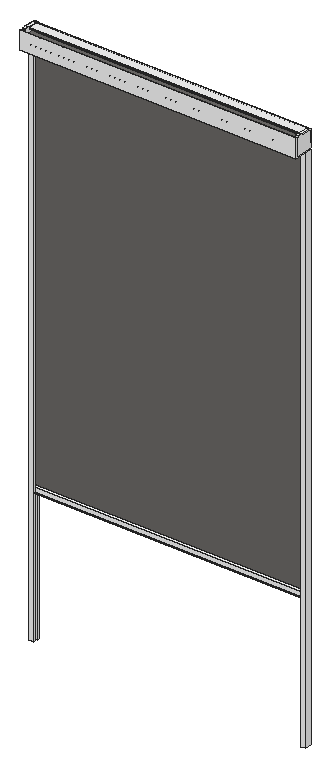
Revit family "Shades-Hunter_Douglas-RB500-Single_Standard_Duty-Auto-Bracket_Block_Out-3in", category Specialty Equipment, Revit 2026
Family settings
  Round Connector Dimension = Use Diameter
  Part Type = Normal
  Classification Number = 23.30.60.14
  Work Plane-Based = No
  Enable Cutting in Views = No
  Always vertical = Yes
  Cut with Voids When Loaded = No
  Maintain Annotation Orientation = No
  Shared = No
  Room Calculation Point = No
Parameters (values of type "Automated")
  URL = "https://www.hunterdouglasarchitectural.com/"
  Type Comments = "Block Out Shade"  # constant formula
  Model = "Standard Duty Automated 3IN Bracket Block Out"  # constant formula
  Manufacturer = "Hunter Douglas Architectural"  # constant formula
  Description = "Standard Duty Automated Roller Shade"  # constant formula
  Default Elevation = 0' - 0"
  CD_Width [instance] = 4' - 0"
  CD_Warranty = "https://assets.hunterdouglasarchitectural.com/documents/RB500/Lifetime_Guarantee_HDA.pdf?_rand=1465740819000"
  CD_Product Page URL = "https://www.hunterdouglasarchitectural.com/windowcoverings/rollershades/RB500/index.jsp"
  CD_Product Name = "RB 500 Roller Shade System"  # constant formula
  CD_Product Documentation Link = "https://www.hunterdouglasarchitectural.com/windowcoverings/rollershades/RB500/index.jsp#cadDrawing"
  CD_Opening Percentage [instance] = 25
  CD_Microsite = "https://microsite.caddetails.com/1669"
  CD_Install Documentation = "https://www.hunterdouglasarchitectural.com/windowcoverings/rollershades/RB500/index.jsp#installationPage"
  CD_Height Opening [instance] = ((CD_Height - CD_Bracket Height - 0' 1 101/256") * CD_Opening Percentage) / 100  # 1' - 10.82324"
  CD_Height [instance] = 8' - 0"
  CD_Finish Rail = Metal-Aluminum-Hunter_Douglas-Anodized-White
  CD_Finish Frame = Metal-Aluminum-Hunter_Douglas-Anodized-White
  CD_Finish = Fabric-Shade-Hunter_Douglas-5%-E_Screen-Charcoal_Cocoa
  CD_Fabric Sizing Disclaimer = "Designer to verify maximum fabric size with Manufacturer as the maximum fabric size is dependent on finished dimensions"  # constant formula
  CD_Bracket Height = 0' - 3 5/16"  # constant formula
  CD_Bracket Depth = 0' - 3 9/64"  # constant formula
  Assembly Code = "E2010300"
Reference planes (in)
  plane 1 "Center (Front/Back)": y = -0.06427
  plane 2 "Bottom": z = 0
  plane 3 "Center (Left/Right)": x = 0
  plane 4 "Top": z = 96
  plane 5 "Left": x = -24
  plane 6 "Right": x = 24
  plane 7 "Back": y = 1.57031
  plane 8 "Front": y = -1.57031
  plane 9 "Opening": z = 22.82324
  plane 10 "Head Height": z = 92.6875
  plane 11 "Shade Left": x = -23.44922
  plane 12 "Shade Right": x = 23.44922
  plane 13 "Blind Location": y = 0.98718
  plane 14 "Center (Elevation)": z = 94.24448
Forms (in)
  Extrusion 1, solid, material "Metal-Aluminum-Hunter_Douglas-Anodized-White" <- "CD_Finish Frame", detail levels coarse
    sketch origin (0, 0, 0) x (0, 1, 0) y (0, 0, 1)
      loop
        line (1.57031, 92.6875) -> (1.57031, 96) -> (-1.57031, 96) -> (-1.57031, 92.6875) -> (1.57031, 92.6875)
    from -24 to 24
  Extrusion 2, solid, material "Metal-Aluminum-Hunter_Douglas-Anodized-White" <- "CD_Finish Rail", detail levels fine
    sketch origin (0, 0, -20.35107) x (0, 1, 0) y (0, 0, 1)
      loop
        line (1.29937, 43.48662) -> (1.29937, 44.25399)
        arc (1.29937, 44.25399) -> (1.0071, 44.56704) -> (0.67475, 44.29692) r 0.31379
        line (0.67475, 44.29692) -> (0.67475, 43.48662)
        arc (0.67475, 43.48662) -> (0.98706, 43.17431) -> (1.29937, 43.48662) r 0.31231
    from -23.44922 to 23.44922
  Extrusion 3, solid, material "Fabric-Shade-Hunter_Douglas-5%-E_Screen-Charcoal_Cocoa" <- "CD_Finish"
    sketch origin (0, 0, 0) x (0, 1, 0) y (0, 0, 1)
      loop
        line (1.00467, 22.82324) -> (1.00467, 93.46875) -> (0.96969, 93.46875) -> (0.96969, 22.82324) -> (1.00467, 22.82324)
    from -23.44922 to 23.44922
  Extrusion 4, solid, material "Metal-Aluminum-Hunter_Douglas-Anodized-White" <- "CD_Finish Rail", detail levels fine
    sketch origin (0, 0, 0) x (1, 0, 0) y (0, 1, 0)
      loop
        line (-23.17198, 1.29937) -> (-23.17198, 1.52017) -> (-24, 1.52017) -> (-24, 0.45419) -> (-23.17198, 0.45419) -> (-23.17198, 0.67475) -> (-23.44922, 0.67475) -> (-23.44922, 1.29937) -> (-23.17198, 1.29937)
      loop
        line (23.17198, 1.29937) -> (23.44922, 1.29937) -> (23.44922, 0.67475) -> (23.17198, 0.67475) -> (23.17198, 0.45419) -> (24, 0.45419) -> (24, 1.52017) -> (23.17198, 1.52017) -> (23.17198, 1.29937)
    from 0 to 92.6875
  Extrusion 5, solid, material "Metal-Aluminum-Hunter_Douglas-Anodized-White" <- "CD_Finish Rail", detail levels coarse
    sketch origin (0, 0, 0) x (1, 0, 0) y (0, 1, 0)
      loop
        line (-24, 1.52017) -> (-24, 0.45767) -> (-23.44922, 0.45767) -> (-23.44922, 1.52017) -> (-24, 1.52017)
      loop
        line (24, 1.52017) -> (23.44922, 1.52017) -> (23.44922, 0.45767) -> (24, 0.45767) -> (24, 1.52017)
    from 0 to 92.6875
  Extrusion 6, solid, material "Fabric-Shade-Hunter_Douglas-5%-E_Screen-Charcoal_Cocoa" <- "CD_Finish"
    sketch origin (0, 0, 0) x (0, 1, 0) y (0, 0, 1)
      loop
        arc (0.88708, 94.09361) -> (-1.00414, 94.45534) -> (0.86036, 93.97449) r 0.96324
        line (0.86036, 93.97449) -> (0.96969, 92.41411) -> (1.00459, 92.41655) -> (0.88708, 94.09361)
    from -23.44922 to 23.44922
  Extrusion 7, solid, material "Metal-Aluminum-Hunter_Douglas-Anodized-White" <- "CD_Finish Frame", detail levels medium+fine
    sketch origin (0, 0, 0.00115) x (0, 1, 0) y (0, 0, 1)
      loop
        arc (0.70388, 92.68635) -> (0.77067, 92.70622) -> (0.81573, 92.75937) r 0.12217
        line (0.81573, 92.75937) -> (-1.4994, 92.75937) -> (-1.4994, 95.87162) -> (-1.57031, 95.87162) -> (-1.57031, 92.68635) -> (0.70388, 92.68635)
    from -24 to 24
  Extrusion 8, solid, material "Metal-Aluminum-Hunter_Douglas-Anodized-White" <- "CD_Finish Frame", detail levels medium+fine
    sketch origin (0, 0, 0.00115) x (0, 1, 0) y (0, 0, 1)
      loop
        line (1.49031, 95.77162) -> (1.49031, 93.95162) -> (1.57031, 93.95162) -> (1.57031, 95.80162)
        arc (1.57031, 95.80162) -> (1.52638, 95.90768) -> (1.42031, 95.95162) r 0.15
        line (1.42031, 95.95162) -> (-0.42969, 95.95162) -> (-0.42969, 95.87162) -> (1.39031, 95.87162)
        arc (1.39031, 95.87162) -> (1.46102, 95.84233) -> (1.49031, 95.77162) r 0.1
    from -24 to 24
  Extrusion 9, solid, material "Metal-Aluminum-Hunter_Douglas-Anodized-White" <- "CD_Finish Frame", detail levels medium+fine
    sketch origin (0, 0, 0.00115) x (0, 1, 0) y (0, 0, 1)
      loop
        line (1.57031, 92.95162) -> (1.57031, 95.95162) -> (-0.92969, 95.95162) -> (-0.92969, 95.64988) -> (-1.42969, 95.56173) -> (-1.42969, 92.95162) -> (1.57031, 92.95162)
    from 23.44922 to 24
  Extrusion 10, solid, material "Metal-Aluminum-Hunter_Douglas-Anodized-White" <- "CD_Finish Frame", detail levels medium+fine
    sketch origin (-34.25, 0, 0.00115) x (0, 1, 0) y (0, 0, 1)
      loop
        line (1.57031, 92.95162) -> (1.57031, 95.95162) -> (-0.92969, 95.95162) -> (-0.92969, 95.64988) -> (-1.42969, 95.56173) -> (-1.42969, 92.95162) -> (1.57031, 92.95162)
    from 10.25 to 10.80078
Cuts and joins
  joined: Extrusion 3, Extrusion 6
Lines and regions (in)
  Masking region 1, detail levels fine
    outline origin (0, 0, 0) x (0, 1, 0) y (0, 0, 1)
      loop
        arc (1.29937, 23.90293) -> (1.0071, 24.21597) -> (0.67475, 23.94586) r 0.31379
        line (0.67475, 23.94586) -> (0.67475, 23.13555)
        arc (0.67475, 23.13555) -> (0.98706, 22.82324) -> (1.29937, 23.13555) r 0.31231
        line (1.29937, 23.13555) -> (1.29937, 23.90293)
Dimensions and locks (in)
  "CD_Height": plane 4 "Top" to plane 2 "Bottom"
  equal spacing: plane 5 "Left", plane 3 "Center (Left/Right)", plane 6 "Right"
  "CD_Width": plane 5 "Left" to plane 6 "Right"
  plane 1 "Center (Front/Back)" to plane 7 "Back" = 0' - 1.63458"
  "CD_Bracket Depth": plane 8 "Front" to plane 7 "Back"
  Extrusion 2 sketch curve to Extrusion 2 sketch curve to Extrusion 2 sketch curve to Extrusion 2 sketch curve to Extrusion 2 sketch curve to plane 9 "Opening" to Extrusion 2 sketch curve = 0' - 0.27086" locked, 0' - 0.04293" locked, 0' - 0.76737" locked, 0' - 0" locked, 0' - 0.31231" locked, 0' - 0" locked
  Extrusion 2 sketch curve to plane 13 "Blind Location" to Extrusion 2 sketch curve = 0' - 0.31219" locked, 0' - 0.31243" locked
  locked: Extrusion 3 sketch curve to plane 10 "Head Height" at 0.78125
  Extrusion 3 sketch curve to plane 13 "Blind Location" to Extrusion 3 sketch curve = 0' - 0.01749" locked, 0' - 0.01749" locked
  locked: plane 5 "Left" to plane 11 "Shade Left" at 0.55078
  locked: plane 12 "Shade Right" to plane 6 "Right" at 0.55078
  "CD_Height Opening": plane 9 "Opening" to level
  "CD_Bracket Height": plane 4 "Top" to plane 10 "Head Height"
  Masking region 1 sketch curve to Masking region 1 sketch curve to Masking region 1 sketch curve to Masking region 1 sketch curve to Masking region 1 sketch curve to plane 9 "Opening" to Masking region 1 sketch curve = 0' - 0.27086" locked, 0' - 0.04293" locked, 0' - 0.76737" locked, 0' - 0" locked, 0' - 0.31231" locked, 0' - 0" locked
  Masking region 1 sketch curve to plane 13 "Blind Location" to Masking region 1 sketch curve = 0' - 0.31219" locked, 0' - 0.31243" locked
  Extrusion 4 sketch curve to plane 11 "Shade Left" to Extrusion 4 sketch curve to Extrusion 4 sketch curve = 0' - 0 141/256" locked, 0' - 0.27724" locked, 0' - 0" locked
  Extrusion 4 sketch curve to Extrusion 4 sketch curve to plane 13 "Blind Location" to Extrusion 4 sketch curve to Extrusion 4 sketch curve = 0' - 0.22057" locked, 0' - 0.31243" locked, 0' - 0.31219" locked, 0' - 0.2208" locked  (x2)
  Extrusion 5 sketch curve to plane 13 "Blind Location" to Extrusion 5 sketch curve = 0' - 0.52951" locked, 0' - 0.53299" locked  (x2)
  Extrusion 9 sketch curve to plane 7 "Back" to Extrusion 9 sketch curve to Extrusion 9 sketch curve = 0' - 0" locked, 0' - 2 1/2" locked, 0' - 0 1/2" locked
  plane 4 "Top" to Extrusion 9 sketch curve to Extrusion 9 sketch curve to Extrusion 9 sketch curve to Extrusion 9 sketch curve = 0' - 0.04724" locked, 0' - 0.30173" locked, 0' - 0.08816" locked, 0' - 2.61011" locked
  plane 4 "Top" to Extrusion 7 sketch curve to Extrusion 7 sketch curve to Extrusion 7 sketch curve = 0' - 0.12724" locked, 0' - 3.11225" locked, 0' - 0.07302" locked
  plane 7 "Back" to Extrusion 7 sketch curve to Extrusion 7 sketch curve to Extrusion 7 sketch curve = 0' - 0.74426" locked, 0' - 2.32546" locked, 0' - 0.07091" locked
  Extrusion 10 sketch curve to plane 7 "Back" to Extrusion 10 sketch curve to Extrusion 10 sketch curve = 0' - 0" locked, 0' - 2 1/2" locked, 0' - 0 1/2" locked
  plane 4 "Top" to Extrusion 10 sketch curve to Extrusion 10 sketch curve to Extrusion 10 sketch curve to Extrusion 10 sketch curve = 0' - 0.04724" locked, 0' - 0.30173" locked, 0' - 0.08816" locked, 0' - 2.61011" locked
  plane 7 "Back" to Extrusion 6 sketch curve to Extrusion 6 sketch curve to Extrusion 6 sketch curve = 0' - 0.56573" locked, 0' - 0.0349" locked, 0' - 1.99719" locked
  plane 4 "Top" to Extrusion 6 sketch curve to Extrusion 6 sketch curve to Extrusion 6 sketch curve to Extrusion 6 sketch curve to Extrusion 6 sketch curve = 0' - 0.79228" locked, 0' - 1.11411" locked, 0' - 0.11912" locked, 0' - 1.55794" locked, 0' - 0.00245" locked
  Extrusion 8 sketch curve to plane 7 "Back" to Extrusion 8 sketch curve to Extrusion 8 sketch curve = 0' - 0" locked, 0' - 0.08" locked, 0' - 1.92" locked
  plane 4 "Top" to Extrusion 8 sketch curve to Extrusion 8 sketch curve to Extrusion 8 sketch curve = 0' - 0.04724" locked, 0' - 0.08" locked, 0' - 1.92" locked
  locked: plane 14 "Center (Elevation)" to plane 10 "Head Height" at 1.55698
  locked: plane 8 "Front" to plane 1 "Center (Front/Back)" at 1.50604
  Extrusion 4 sketch curve to Extrusion 4 sketch curve to Extrusion 4 sketch curve to plane 12 "Shade Right" to Extrusion 5 = 0' - 0" locked, 0' - 0.27724" locked, 0' - 0" locked, 0' - 0 141/256" locked
  aligned and locked: plane 2 "Bottom" to level
  aligned and locked: plane 4 "Top" to Extrusion 1 sketch curve
  aligned and locked: plane 8 "Front" to Extrusion 1 sketch curve
  aligned and locked: Extrusion 1 sketch curve to plane 7 "Back"
  aligned and locked: Extrusion 1 sketch curve to plane 10 "Head Height"
  aligned and locked: Extrusion 1 to plane 5 "Left"
  aligned and locked: plane 6 "Right" to Extrusion 1
  aligned and locked: Extrusion 3 to plane 11 "Shade Left"
  aligned and locked: plane 12 "Shade Right" to Extrusion 3
  aligned and locked: Extrusion 3 to plane 9 "Opening"
  aligned and locked: Extrusion 4 sketch curve to plane 6 "Right"
  aligned and locked: plane 10 "Head Height" to Extrusion 4
  aligned and locked: Extrusion 4 to level
  aligned and locked: Extrusion 5 sketch curve to plane 5 "Left"
  aligned and locked: plane 11 "Shade Left" to Extrusion 5 sketch curve
  aligned and locked: Extrusion 5 sketch curve to plane 6 "Right"
  aligned and locked: plane 12 "Shade Right" to Extrusion 5 sketch curve
  aligned and locked: Extrusion 5 to level
  aligned and locked: plane 10 "Head Height" to Extrusion 5
  aligned and locked: Extrusion 6 to plane 11 "Shade Left"
  aligned and locked: plane 12 "Shade Right" to Extrusion 6
  aligned and locked: Extrusion 2 to plane 11 "Shade Left"
  aligned and locked: plane 12 "Shade Right" to Extrusion 2
  aligned and locked: Extrusion 10 to plane 5 "Left"
  aligned and locked: plane 11 "Shade Left" to Extrusion 10
  aligned and locked: Extrusion 7 to plane 5 "Left"
  aligned and locked: plane 6 "Right" to Extrusion 7
  aligned and locked: plane 6 "Right" to Extrusion 9
  aligned and locked: Extrusion 9 to plane 12 "Shade Right"
  aligned and locked: plane 6 "Right" to Extrusion 8
  aligned and locked: Extrusion 8 to plane 5 "Left"
Automatic sketch dimensions
  plane 9 "Opening" to Extrusion 3 sketch curve = 0' - 0"
  plane 11 "Shade Left" to Extrusion 4 sketch curve = 0' - 0"
  Extrusion 7 sketch curve to plane 1 "Center (Front/Back)" = 0' - 0.76815"
  plane 7 "Back" to Extrusion 8 sketch curve = 0' - 0.15"
  Extrusion 8 sketch curve to Extrusion 8 sketch curve = 0' - 0.03"
